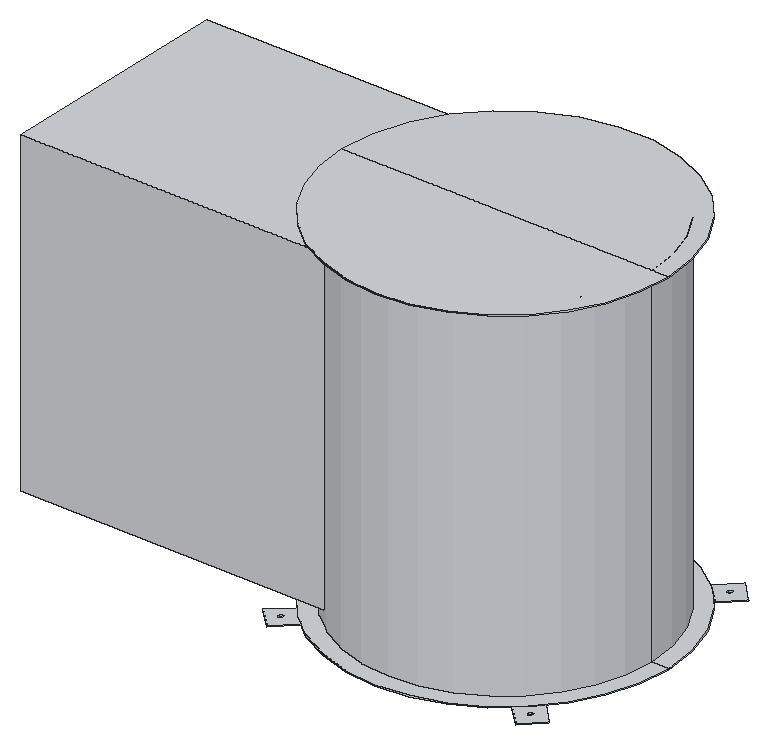
Revit family "AVAB_Downblast_Floor_Mount", category Mechanical Equipment, Revit 2019
Family settings
  Round Connector Dimension = Use Radius
  Part Type = Normal
  Work Plane-Based = No
  Always vertical = Yes
  Cut with Voids When Loaded = No
  Shared = No
  Room Calculation Point = No
Parameters (values of type "35_AVAB_DOWNBLAST_FLOOR")
  ModelID [instance] = ""
  L/2 = L / 2  # 1' - 3 1/4"
  L = 2' - 6 1/2"
  K/2 = K / 2  # 0' - 0 9/32"
  K = 0' - 0 9/16"
  J/2 = J / 2  # 1' - 9 9/16"
  J-B = J - B  # 0' - 3 1/4"
  J = 3' - 7 1/8"
  H = 3' - 11 7/8"
  Unit Weight [instance] = ""
  Sones [instance] = ""
  Motor RPM [instance] = ""
  Motor Enclosure [instance] = ""
  LwA [instance] = ""
  G = 12' - 0"
  Fan RPM [instance] = ""
  F/2 = F / 2  # 0' - 0 9/32"
  F = 0' - 0 9/16"
  E/2 = E / 2  # 1' - 9 1/2"
  E-2" = E - 0' 2"  # 3' - 5"
  E-.125" = E - 0' 0 1/8"  # 3' - 6 7/8"
  E = 3' - 7"
  C/2 = C / 2  # 1' - 7"
  C = 3' - 2"
  B/2 = B / 2  # 1' - 7 15/16"
  B = 3' - 3 7/8"
  Accessories [instance] = ""
  A/3 = A / 2.5  # 1' - 2.2"
  A/2 = A / 2  # 1' - 5 3/4"
  A = 2' - 11 1/2"
  60 = 60.00°  # constant formula
  45 = 45.00°
  30 = 30.00°  # constant formula
  3" = 0' - 3"  # constant formula
  Brake Hp [instance] = ""
  4" = 0' - 4"  # constant formula
  2' = 2' - 0"
  2" = 0' - 2"  # constant formula
  1" = 0' - 1"  # constant formula
  0 = 0' - 0"  # constant formula
  Voltage [instance] = 0 V
  URL = "www.lorencook.com"
  Type Comments = "Adjustable Pitch Vane Axial Downblast Floor Mount Belt Drive Arrangement 9"  # constant formula
  Static Pressure [instance] = 0.00 in-wg
  Power [instance] = Voltage * Motor FLA * sqrt(if(Phase = 3, 3, 1))  # 0 VA
  Phase [instance] = 0
  Number of Poles [instance] = 1
  Motor Hp [instance] = "0"
  Motor FLA [instance] = 0 A
  Model = "AVAB"  # constant formula
  Manufacturer = "Loren Cook Company"
  CFM [instance] = 0 CFM
  1.5 = 0' - 1 1/2"  # constant formula
  ONE EIGTH = 0' - 0 1/8"  # constant formula
  -E/2 = -E / 2  # -1' - 9 1/2"
  -(E-.25")/2 = -(E - 0' 0 1/4") / 2  # -1' - 9 3/8"
  (L/2)-1" = (L / 2) - 0' 1"  # 1' - 2 1/4"
  (J-B)/2 = (J - B) / 2  # 0' - 1 5/8"
  (J+(J-B))/2 = (J + (J - B)) / 2  # 1' - 11 3/16"
  (E-.25")/2 = (E - 0' 0 1/4") / 2  # 1' - 9 3/8"
  (A+.25")/2 = (A + 0' 0 1/4") / 2  # 1' - 5 7/8"
Types (9): name | L/2 | L | K/2 | K | J/2 | J-B | J | H | G | F/2 | F | E/2 | E-2" | E-.125" | E | C/2 | C | B/2 | B | A/3 | A/2 | A | -E/2 | -(E-.25")/2 | (L/2)-1" | (J-B)/2 | (J+(J-B))/2 | (E-.25")/2 | (A+.25")/2
  (no name) | 1' - 3 1/4" | 2' - 6 1/2" | 0' - 0 9/32" | 0' - 0 9/16" | 1' - 9 9/16" | 0' - 3 1/4" | 3' - 7 1/8" | 3' - 11 7/8" | 12' - 0" | 0' - 0 9/32" | 0' - 0 9/16" | 1' - 9 1/2" | 3' - 5" | 3' - 6 7/8" | 3' - 7" | 1' - 7" | 3' - 2" | 1' - 7 15/16" | 3' - 3 7/8" | 1' - 2.2" | 1' - 5 3/4" | 2' - 11 1/2" | -1' - 9 1/2" | -1' - 9 3/8" | 1' - 2 1/4" | 0' - 1 5/8" | 1' - 11 3/16" | 1' - 9 3/8" | 1' - 5 7/8"
  35_AVAB_DOWNBLAST_FLOOR | 1' - 3 1/4" | 2' - 6 1/2" | 0' - 0 9/32" | 0' - 0 9/16" | 1' - 9 9/16" | 0' - 3 1/4" | 3' - 7 1/8" | 3' - 11 7/8" | 12' - 0" | 0' - 0 9/32" | 0' - 0 9/16" | 1' - 9 1/2" | 3' - 5" | 3' - 6 7/8" | 3' - 7" | 1' - 7" | 3' - 2" | 1' - 7 15/16" | 3' - 3 7/8" | 1' - 2.2" | 1' - 5 3/4" | 2' - 11 1/2" | -1' - 9 1/2" | -1' - 9 3/8" | 1' - 2 1/4" | 0' - 1 5/8" | 1' - 11 3/16" | 1' - 9 3/8" | 1' - 5 7/8"
  39_AVAB_DOWNBLAST_FLOOR | 1' - 4 21/32" | 2' - 9 5/16" | 0' - 0 9/32" | 0' - 0 9/16" | 1' - 11 9/16" | 0' - 3 3/16" | 3' - 11 1/8" | 4' - 1 7/8" | 12' - 0" | 0' - 0 9/32" | 0' - 0 9/16" | 1' - 9 1/2" | 3' - 5" | 3' - 6 7/8" | 3' - 7" | 1' - 8 15/16" | 3' - 5 7/8" | 1' - 9 31/32" | 3' - 7 15/16" | 1' - 3 3/4" | 1' - 7 11/16" | 3' - 3 3/8" | -1' - 9 1/2" | -1' - 9 3/8" | 1' - 3 21/32" | 0' - 1 19/32" | 2' - 1 5/32" | 1' - 9 3/8" | 1' - 7 13/16"
  44_AVAB_DOWNBLAST_FLOOR | 1' - 7 1/16" | 3' - 2 1/8" | 0' - 0 11/32" | 0' - 0 11/16" | 2' - 2 15/16" | 0' - 4 1/4" | 4' - 5 7/8" | 4' - 5 1/4" | 12' - 0" | 0' - 0 9/32" | 0' - 0 9/16" | 1' - 11 1/2" | 3' - 9" | 3' - 10 7/8" | 3' - 11" | 1' - 11 11/16" | 3' - 11 3/8" | 2' - 0 13/16" | 4' - 1 5/8" | 1' - 5.65" | 1' - 10 1/16" | 3' - 8 1/8" | -1' - 11 1/2" | -1' - 11 3/8" | 1' - 6 1/16" | 0' - 2 1/8" | 2' - 5 1/16" | 1' - 11 3/8" | 1' - 10 3/16"
  49_AVAB_DOWNBLAST_FLOOR | 1' - 8 7/8" | 3' - 5 3/4" | 0' - 0 11/32" | 0' - 0 11/16" | 2' - 5 1/2" | 0' - 4 1/4" | 4' - 11" | 4' - 7 3/4" | 12' - 0" | 0' - 0 9/32" | 0' - 0 9/16" | 1' - 11 1/2" | 3' - 9" | 3' - 10 7/8" | 3' - 11" | 2' - 2 1/4" | 4' - 4 1/2" | 2' - 3 3/8" | 4' - 6 3/4" | 1' - 7.7" | 2' - 0 5/8" | 4' - 1 1/4" | -1' - 11 1/2" | -1' - 11 3/8" | 1' - 7 7/8" | 0' - 2 1/8" | 2' - 7 5/8" | 1' - 11 3/8" | 2' - 0 3/4"
  57_AVAB_DOWNBLAST_FLOOR | 1' - 11 21/32" | 3' - 11 5/16" | 0' - 0 11/32" | 0' - 0 11/16" | 2' - 9 7/16" | 0' - 4 1/4" | 5' - 6 7/8" | 5' - 5 3/4" | 12' - 0" | 0' - 0 9/32" | 0' - 0 9/16" | 2' - 6 1/2" | 4' - 11" | 5' - 0 7/8" | 5' - 1" | 2' - 5 15/16" | 4' - 11 7/8" | 2' - 7 5/16" | 5' - 2 5/8" | 1' - 10.85" | 2' - 4 9/16" | 4' - 9 1/8" | -2' - 6 1/2" | -2' - 6 3/8" | 1' - 10 21/32" | 0' - 2 1/8" | 2' - 11 9/16" | 2' - 6 3/8" | 2' - 4 11/16"
  63_AVAB_DOWNBLAST_FLOOR | 2' - 1 23/32" | 4' - 3 7/16" | 0' - 0 11/32" | 0' - 0 11/16" | 3' - 0 3/8" | 0' - 4 1/4" | 6' - 0 3/4" | 5' - 8 5/8" | 16' - 0" | 0' - 0 11/32" | 0' - 0 11/16" | 2' - 6 1/2" | 4' - 11" | 5' - 0 7/8" | 5' - 1" | 2' - 9 1/8" | 5' - 6 1/4" | 2' - 10 1/4" | 5' - 8 1/2" | 2' - 1.2" | 2' - 7 1/2" | 5' - 3" | -2' - 6 1/2" | -2' - 6 3/8" | 2' - 0 23/32" | 0' - 2 1/8" | 3' - 2 1/2" | 2' - 6 3/8" | 2' - 7 5/8"
  71_AVAB_DOWNBLAST_FLOOR | 2' - 5 7/32" | 4' - 10 7/16" | 0' - 0 11/32" | 0' - 0 11/16" | 3' - 5 5/16" | 0' - 5" | 6' - 10 5/8" | 6' - 0 3/4" | 16' - 0" | 0' - 0 11/32" | 0' - 0 11/16" | 3' - 0" | 5' - 10" | 5' - 11 7/8" | 6' - 0" | 3' - 1 1/2" | 6' - 3" | 3' - 2 13/16" | 6' - 5 5/8" | 2' - 4.35" | 2' - 11 7/16" | 5' - 10 7/8" | -3' - 0" | -2' - 11 7/8" | 2' - 4 7/32" | 0' - 2 1/2" | 3' - 7 13/16" | 2' - 11 7/8" | 2' - 11 9/16"
  79_AVAB_DOWNBLAST_FLOOR | 2' - 8" | 5' - 4" | 0' - 0 11/32" | 0' - 0 11/16" | 3' - 9 1/4" | 0' - 4 15/16" | 7' - 6 1/2" | 6' - 4 5/8" | 16' - 0" | 0' - 0 11/32" | 0' - 0 11/16" | 3' - 0" | 5' - 10" | 5' - 11 7/8" | 6' - 0" | 3' - 5 7/16" | 6' - 10 7/8" | 3' - 6 25/32" | 7' - 1 9/16" | 2' - 7 1/2" | 3' - 3 3/8" | 6' - 6 3/4" | -3' - 0" | -2' - 11 7/8" | 2' - 7" | 0' - 2 15/32" | 3' - 11 23/32" | 2' - 11 7/8" | 3' - 3 1/2"
Reference planes (in)
  plane 1 "Center (Front/Back)": y = 0
  plane 2: z = 0
  plane 3 "Center (Left/Right)": x = 0.40541
Forms (in)
  Revolve 1, solid
    sketch origin (0, 0, 0) x (1, 0, 0) y (0, 0, 1)
      loop
        line (0.40541, 0) -> (20.34291, 0) -> (20.34291, 0.125) -> (18.28041, 0.125) -> (18.28041, 42.875) -> (20.34291, 42.875) -> (20.34291, 43) -> (0.40541, 43) -> (0.40541, 0)
      axis (0.40541, 43) -> (0.40541, 0)
    angle from 0 to 360
  Extrusion 2, solid
    sketch origin (0, 0, 0) x (1, 0, 0) y (0, 1, 0)
      loop
        line (-10.38593, 14.25) -> (-47.46959, 14.25) -> (-47.46959, -14.25) -> (-10.38593, -14.25)
        arc (-10.38593, -14.25) -> (-17.46959, 0) -> (-10.38593, 14.25) r 17.875
    from 41 <- "E-2"" to 2
  Extrusion 3, solid
    sketch origin (0, 0, 0) x (1, 0, 0) y (0, 1, 0)
      loop
        line (-12.49658, 15.20009) -> (-14.80126, 17.50477)
        arc (-14.80126, 17.50477) -> (-15.99063, 16.39604) -> (-17.09936, 15.20668) r 23.1875
        line (-17.09936, 15.20668) -> (-14.79467, 12.90199)
        arc (-14.79467, 12.90199) -> (-13.69253, 14.09794) -> (-12.49658, 15.20009) r 19.9375
      loop
        arc (13.3074, 15.20009) -> (14.50335, 14.09794) -> (15.6055, 12.90199) r 19.9375
        line (15.6055, 12.90199) -> (17.91019, 15.20668)
        arc (17.91019, 15.20668) -> (16.80145, 16.39604) -> (15.61209, 17.50477) r 23.1875
        line (15.61209, 17.50477) -> (13.3074, 15.20009)
      loop
        line (13.3074, -15.20009) -> (15.61209, -17.50477)
        arc (15.61209, -17.50477) -> (16.80145, -16.39604) -> (17.91019, -15.20668) r 23.1875
        line (17.91019, -15.20668) -> (15.6055, -12.90199)
        arc (15.6055, -12.90199) -> (14.50335, -14.09794) -> (13.3074, -15.20009) r 19.9375
      loop
        arc (-12.49658, -15.20009) -> (-13.69253, -14.09794) -> (-14.79467, -12.90199) r 19.9375
        line (-14.79467, -12.90199) -> (-17.09936, -15.20668)
        arc (-17.09936, -15.20668) -> (-15.99063, -16.39604) -> (-14.80126, -17.50477) r 23.1875
        line (-14.80126, -17.50477) -> (-12.49658, -15.20009)
    from 0 to 0.125
  Extrusion 4, void
    sketch origin (0, 0, 0) x (1, 0, 0) y (0, 1, 0)
      loop
        circle (15.65541, 15.25) r 0.28125
      loop
        circle (-14.84459, 15.25) r 0.28125
      loop
        circle (-14.84459, -15.25) r 0.28125
      loop
        circle (15.65541, -15.25) r 0.28125
    from 0 to 43 <- "E"
Cuts and joins
  Extrusion 4 cuts Revolve 1
  Extrusion 4 cuts Extrusion 2
  Extrusion 4 cuts Extrusion 3
Dimensions and locks (in)
  "0": Revolve 1 sketch curve to plane 3 "Center (Left/Right)"  (x2)
  "0": Revolve 1 sketch curve to level
  "B/2": Revolve 1 sketch curve to plane 3 "Center (Left/Right)"  (x2)
  "(A+.25")/2": Revolve 1 sketch curve to plane 3 "Center (Left/Right)"
  "ONE EIGTH": Revolve 1 sketch curve to Revolve 1 sketch curve  (x2)
  "E": Revolve 1 sketch curve to level
  "0": Extrusion 2 sketch curve to plane 3 "Center (Left/Right)"
  "0": Extrusion 2 sketch curve to plane 1 "Center (Front/Back)"
  "H": Extrusion 2 sketch curve to plane 3 "Center (Left/Right)"
  "(L/2)-1"": Extrusion 2 sketch curve to plane 1 "Center (Front/Back)"
  "(L/2)-1"": plane 1 "Center (Front/Back)" to Extrusion 2 sketch curve
  "0": Extrusion 3 sketch curve to plane 3 "Center (Left/Right)"  (x8)
  "0": Extrusion 3 sketch curve to plane 1 "Center (Front/Back)"  (x8)
  "J-B": Extrusion 3 sketch curve to Extrusion 3 sketch curve  (x4)
  "(J-B)/2": plane 3 "Center (Left/Right)" to Extrusion 3 sketch curve  (x3)
  "(J-B)/2": Extrusion 3 sketch curve to plane 3 "Center (Left/Right)"
  "L/2": plane 3 "Center (Left/Right)" to Extrusion 4 sketch curve  (x4)
  "L/2": plane 1 "Center (Front/Back)" to Extrusion 4 sketch curve  (x4)
  "(A+.25")/2": radius of Extrusion 2 sketch curve
  "(J+(J-B))/2": radius of Extrusion 3 sketch curve  (x4)
  "B/2": radius of Extrusion 3 sketch curve  (x4)
  "K/2": radius of Extrusion 4 sketch curve  (x4)
  "45": angle plane 3 "Center (Left/Right)" to Extrusion 3 sketch curve
  "45": angle Extrusion 3 sketch curve to plane 3 "Center (Left/Right)"  (x2)
  "45": angle Extrusion 3 sketch curve to plane 1 "Center (Front/Back)"
Automatic sketch dimensions
  Revolve 1 sketch curve to level = 0' - 0"
  Revolve 1 sketch curve to level = 1' - 0"
  Extrusion 2 sketch curve to Extrusion 2 sketch curve = 0' - 0"
Connectors (in)
  hvac at (0.40541, 0, 43), driven by "A/2"
    settings: on cut or joined group of Revolve 1, Extrusion 4, index 1, duct flow 0 CFM, flow factor 0, pres drop 0.00 in-wg, loss coef 0, conn angle 0.00°, conn width 12", conn height 12", conn diameter 35 1/2", duct sys type 29, conn prof type 0, flow config 0, flow direction 1, loss method 0, conn ref index -1, conn util no, is conn primary yes, conn desc ""
  hvac at (0.40541, 0, 0.125), driven by "A/2"
    settings: on cut or joined group of Revolve 1, Extrusion 4, index 2, duct flow 0 CFM, flow factor 0, pres drop 0.00 in-wg, loss coef 0, conn angle 0.00°, conn width 12", conn height 12", conn diameter 35 1/2", duct sys type 29, conn prof type 0, flow config 0, flow direction 2, loss method 0, conn ref index -1, conn util no, is conn primary no, conn desc ""
  electrical at (-28.92776, -14.25, 21.5)
    settings: on cut or joined group of Extrusion 2, Extrusion 4, index 3, voltage 0 V, apparent load 0 VA, apparent load phase1 0 VA, apparent load phase2 0 VA, apparent load phase3 0 VA, power factor 1, load classification "Other", number of poles 1, system type 30, power factor state 1, is connector primary yes, connector utility no, sub classification motor no, connector description ""
